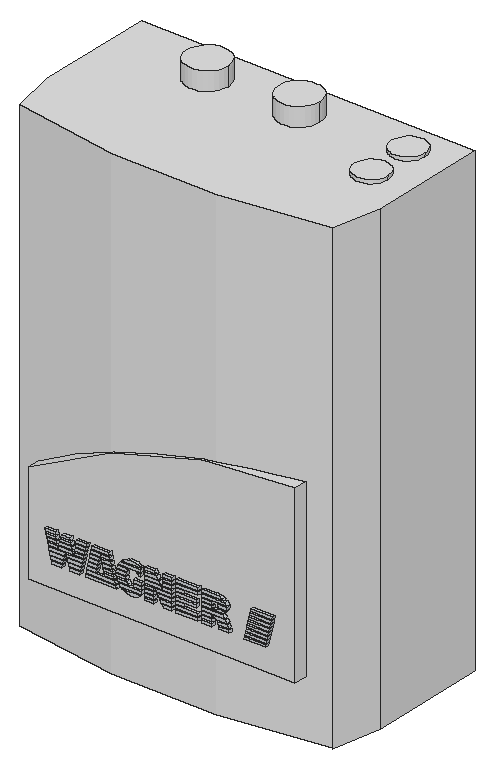
Revit family "WAGNER_Извещатели_взрывозащищённые_TITANUS_Ex", category Оборудование, Revit 2017
Family settings
  Размер круглого соединителя = Использовать диаметр
  Тип детали = Нормальный
  Номер OmniClass = 23.85.30.21.11.14
  Заголовок OmniClass = Alarm Panels
  На основе рабочей плоскости = Нет
  Всегда вертикально = Да
  При загрузке вырезать с полостями = Нет
  Общий = Да
  Точка расчета площади = Нет
Parameters (values of type "Typ TP-4-Ex")
  Описание = ADSK_Наименование  # "Извещатель пожарный дымовой аспирационный TITANUS Ex взрывозащищенная версия"
  Изготовитель = [ADSK_Завод-изготовитель]  # "WAGNER"
  bimon.ru = "bimon.ru"
  WAGNER_Чувствительность = if(WAGNER_Variation = 1, "от 0,015 %/м до 0,5 %/м", if(WAGNER_Variation = 2, "от 0,006 %/м до 0,5 %/м", if(WAGNER_Variation = 3, "от 0,003 %/м до 0,5 %/м", if(WAGNER_Variation = 4, "0", if(WAGNER_Variation = 5, "0", if(WAGNER_Variation = 6, "0", if(WAGNER_Variation = 7, "0", "@_@")))))))  # "от 0,006 %/м до 0,5 %/м"
  WAGNER_Тип детекторных модулей = if(WAGNER_Variation = 1, "DM-TP-50L, DM-TP-10L, DM-TP-01L", if(WAGNER_Variation = 2, "DM-TP-50L, DM-TP-10L, DM-TP-01L", if(WAGNER_Variation = 3, "DM-TP-50L-F, DM-TP-10L-F, DM-TP-01L-F", if(WAGNER_Variation = 4, "0", if(WAGNER_Variation = 5, "0", if(WAGNER_Variation = 6, "0", if(WAGNER_Variation = 7, "0", "@_@")))))))  # "DM-TP-50L, DM-TP-10L, DM-TP-01L"
  WAGNER_Тип = if(WAGNER_Variation = 1, "Typ TP-1/a-Ex", if(WAGNER_Variation = 2, "Typ TP-4-Ex", if(WAGNER_Variation = 3, "Typ TP-5-F-Ex", if(WAGNER_Variation = 4, "0", if(WAGNER_Variation = 5, "0", if(WAGNER_Variation = 6, "0", if(WAGNER_Variation = 7, "0", "@_@")))))))  # "Typ TP-4-Ex"
  WAGNER_Температурный режим. = if(WAGNER_Variation = 1, "от -20℃ до +60℃", if(WAGNER_Variation = 2, "от -20℃ до +60℃", if(WAGNER_Variation = 3, "от -40℃ до +60℃", if(WAGNER_Variation = 4, "0", if(WAGNER_Variation = 5, "0", if(WAGNER_Variation = 6, "0", if(WAGNER_Variation = 7, "0", "@_@")))))))  # "от -20℃ до +60℃"
  WAGNER_Страна производства = if(WAGNER_Variation = 1, "Россия", if(WAGNER_Variation = 2, "Россия", if(WAGNER_Variation = 3, "Россия", if(WAGNER_Variation = 4, "0", if(WAGNER_Variation = 5, "0", if(WAGNER_Variation = 6, "0", if(WAGNER_Variation = 7, "0", "@_@")))))))  # "Россия"
  WAGNER_Степень защиты оболочки = if(WAGNER_Variation = 1, "Ip66", if(WAGNER_Variation = 2, "Ip66", if(WAGNER_Variation = 3, "Ip66", if(WAGNER_Variation = 4, "0", if(WAGNER_Variation = 5, "0", if(WAGNER_Variation = 6, "0", if(WAGNER_Variation = 7, "0", "@_@")))))))  # "Ip66"
  WAGNER_Сетевые возможности = if(WAGNER_Variation = 1, "none", if(WAGNER_Variation = 2, "Ethernet, SNMP, Data logger, Web-интерфейс", if(WAGNER_Variation = 3, "Ethernet, SNMP, Data logger, Web-интерфейс", if(WAGNER_Variation = 4, "0", if(WAGNER_Variation = 5, "0", if(WAGNER_Variation = 6, "0", if(WAGNER_Variation = 7, "0", "@_@")))))))  # "Ethernet, SNMP, Data logger, Web-интерфейс"
  WAGNER_Расчет системы = if(WAGNER_Variation = 1, "Программа PipeCalc", if(WAGNER_Variation = 2, "Программа PipeCalc", if(WAGNER_Variation = 3, "Программа PipeCalc", if(WAGNER_Variation = 4, "0", if(WAGNER_Variation = 5, "0", if(WAGNER_Variation = 6, "0", if(WAGNER_Variation = 7, "0", "@_@")))))))  # "Программа PipeCalc"
  WAGNER_Рабочее напряжение = if(WAGNER_Variation = 1, "24 В", if(WAGNER_Variation = 2, "24 В", if(WAGNER_Variation = 3, "24 В", if(WAGNER_Variation = 4, "0", if(WAGNER_Variation = 5, "0", if(WAGNER_Variation = 6, "0", if(WAGNER_Variation = 7, "0", "@_@")))))))  # "24 В"
  WAGNER_Название = if(WAGNER_Variation = 1, "Извещатель пожарный дымовой аспирационный TITANUS Ex взрывозащищенная версия", if(WAGNER_Variation = 2, "Извещатель пожарный дымовой аспирационный TITANUS Ex взрывозащищенная версия", if(WAGNER_Variation = 3, "Извещатель пожарный дымовой аспирационный TITANUS Ex взрывозащищенная версия", if(WAGNER_Variation = 4, "0", if(WAGNER_Variation = 5, "0", if(WAGNER_Variation = 6, "0", if(WAGNER_Variation = 7, "0", "@_@")))))))  # "Извещатель пожарный дымовой аспирационный TITANUS Ex взрывозащищенная версия"
  WAGNER_Маркировка по взрывозащите = if(WAGNER_Variation = 1, "1Ex d IIB Т6 Gb / Ex tb IIIB T85°C Db", if(WAGNER_Variation = 2, "1Ex d IIB Т6 Gb / Ex tb IIIB T85°C Db", if(WAGNER_Variation = 3, "1Ex d IIB Т6 Gb / Ex tb IIIB T85°C Db", if(WAGNER_Variation = 4, "0", if(WAGNER_Variation = 5, "0", if(WAGNER_Variation = 6, "0", if(WAGNER_Variation = 7, "0", "@_@")))))))  # "1Ex d IIB Т6 Gb / Ex tb IIIB T85°C Db"
  WAGNER_Количество сигналов (реле) тревоги = if(WAGNER_Variation = 1, "от 1 до 2", if(WAGNER_Variation = 2, "от 1 до 4", if(WAGNER_Variation = 3, "от 1 до 6", if(WAGNER_Variation = 4, "0", if(WAGNER_Variation = 5, "0", if(WAGNER_Variation = 6, "0", if(WAGNER_Variation = 7, "0", "@_@")))))))  # "от 1 до 4"
  WAGNER_Количество сигналов (реле) неисправности = if(WAGNER_Variation = 1, "от 1 до 2", if(WAGNER_Variation = 2, "от 1 до 2", if(WAGNER_Variation = 3, "от 1 до 2", if(WAGNER_Variation = 4, "0", if(WAGNER_Variation = 5, "0", if(WAGNER_Variation = 6, "0", if(WAGNER_Variation = 7, "0", "@_@")))))))  # "от 1 до 2"
  WAGNER_Количество каналов обнаружения = if(WAGNER_Variation = 1, "2", if(WAGNER_Variation = 2, "2", if(WAGNER_Variation = 3, "2", if(WAGNER_Variation = 4, "0", if(WAGNER_Variation = 5, "0", if(WAGNER_Variation = 6, "0", if(WAGNER_Variation = 7, "0", "@_@")))))))  # "2"
  WAGNER_Артикул = if(WAGNER_Variation = 1, "AD-EX-0457", if(WAGNER_Variation = 2, "AD-EX-0462", if(WAGNER_Variation = 3, "AD-EX-0669", if(WAGNER_Variation = 4, "0", if(WAGNER_Variation = 5, "0", if(WAGNER_Variation = 6, "0", if(WAGNER_Variation = 7, "0", "@_@")))))))  # "AD-EX-0462"
  WAGNER_Variation = 2
  Uniclass Title = "Fire alarm panels"  # constant formula
  Uniclass Code = "Pr_75_75_30_29"  # constant formula
  URL = "www.wagner-russia.com"
  UNSPSC Title = "Fire alarm systems"  # constant formula
  UNSPSC Code = "46191505"  # constant formula
  OmniClass Title = "Alarm Panels"  # constant formula
  OmniClass Code = "23.85.30.21.11.14"  # constant formula
  Masterformat Title = "Fire Alarm Notification Appliances"  # constant formula
  Masterformat Code = "28 46 23"  # constant formula
  IFC Classification = ""
  COBie Category = "Fire alarm panels"  # constant formula
  ADSK_Размер_Ширина = 113 mm  # constant formula
  ADSK_Размер_Длина = 200 mm  # constant formula
  ADSK_Размер_Высота = 292 mm  # constant formula
  ADSK_Напряжение = 24 V
  ADSK_Наименование краткое = "Извещатель пожарный"  # constant formula
  ADSK_Наименование = WAGNER_Название  # "Извещатель пожарный дымовой аспирационный TITANUS Ex взрывозащищенная версия"
  ADSK_Материал = WAGNER_Корпус
  ADSK_Масса_Текст = ""
  ADSK_Марка = WAGNER_Тип  # "Typ TP-4-Ex"
  ADSK_Код изделия = "-"  # constant formula
  ADSK_Завод-изготовитель = "WAGNER"  # constant formula
  ADSK_Единица измерения = "шт."  # constant formula
  ADSK_Дата изменения = "19.07.20"  # constant formula
  ADSK_Версия семейства = "Версия 1"  # constant formula
  ADSK_Версия Revit = "Revit 2017"  # constant formula
  ADSK_URL страницы изделия = "https://ru.wagnergroup.com/systeme/brandfrueherkennung-mit-titanusr-ansaugrauchmeldern.html"
  ADSK_URL документации изделия = "https://ru.wagnergroup.com/ru/centr-zagruzki/katalog.html"
Types (3, lengths in mm): name | WAGNER_Чувствительность | WAGNER_Тип детекторных модулей | WAGNER_Тип | WAGNER_Температурный режим. | WAGNER_Сетевые возможности | WAGNER_Количество сигналов (реле) тревоги | WAGNER_Артикул | WAGNER_Variation | ADSK_Марка
  Typ TP-1/a-Ex | "от 0,015 %/м до 0,5 %/м" | "DM-TP-50L, DM-TP-10L, DM-TP-01L" | "Typ TP-1/a-Ex" | "от -20℃ до +60℃" | "none" | "от 1 до 2" | "AD-EX-0457" | 1 | "Typ TP-1/a-Ex"
  Typ TP-4-Ex | "от 0,006 %/м до 0,5 %/м" | "DM-TP-50L, DM-TP-10L, DM-TP-01L" | "Typ TP-4-Ex" | "от -20℃ до +60℃" | "Ethernet, SNMP, Data logger, Web-интерфейс" | "от 1 до 4" | "AD-EX-0462" | 2 | "Typ TP-4-Ex"
  Typ TP-5-F-Ex | "от 0,003 %/м до 0,5 %/м" | "DM-TP-50L-F, DM-TP-10L-F, DM-TP-01L-F" | "Typ TP-5-F-Ex" | "от -40℃ до +60℃" | "Ethernet, SNMP, Data logger, Web-интерфейс" | "от 1 до 6" | "AD-EX-0669" | 3 | "Typ TP-5-F-Ex"
Reference planes
  plane 1 "По центру (Вперед/Назад)": y = -115
  plane 2: z = 0
  plane 3 "По центру (Влево/Вправо)": x = -926.101
  plane 4: z = -147.566
Forms (mm)
  Extrusion 1, solid, material "WAGNER_Корпус" <- "ADSK_Материал"
    sketch origin (0, -115, 0) x (1, 0, 0) y (0, 0, 1)
      loop
        line (-826.15, 134.487) -> (-1026.128, 134.487) -> (-1026.128, -145.566) -> (-826.15, -145.566) -> (-826.15, 134.487)
    from 0 to 70.93
  Sweep 2, solid, material "WAGNER_Корпус" <- "ADSK_Материал"
    path origin (0, -422.5, 0) x (0, 0, -1) y (1, 0, 0)
      loop
        line (-134.487, -926.101) -> (145.566, -926.101)
    profile origin (-926.101, -422.5, -5.539) x (0, -1, 0) y (1, 0, 0)
      loop
        line (-236.57, 99.951) -> (-237.521, 99.951) -> (-237.521, -100.026) -> (-236.57, -100.026) -> (-208.216, -93.924)
        arc (-208.216, -93.924) -> (-197.783, 0) -> (-208.216, 93.924) r 427.993
        line (-208.216, 93.924) -> (-236.57, 99.951)
  Extrusion 3, solid, material "WAGNER_Корпус" <- "ADSK_Материал"
    sketch origin (0, -115, 0) x (1, 0, 0) y (0, 0, 1)
      loop
        arc (-845.978, 124.031) -> (-851.101, 129.154) -> (-856.225, 124.031) r 5.124
        line (-856.225, 124.031) -> (-856.225, 116.031)
        arc (-856.225, 116.031) -> (-851.101, 110.907) -> (-845.978, 116.031) r 5.124
        line (-845.978, 116.031) -> (-845.978, 124.031)
      loop
        arc (-875.978, 124.031) -> (-881.101, 129.154) -> (-886.225, 124.031) r 5.124
        line (-886.225, 124.031) -> (-886.225, 116.031)
        arc (-886.225, 116.031) -> (-881.101, 110.907) -> (-875.978, 116.031) r 5.124
        line (-875.978, 116.031) -> (-875.978, 124.031)
      loop
        arc (-1005.978, 124.031) -> (-1011.101, 129.154) -> (-1016.225, 124.031) r 5.124
        line (-1016.225, 124.031) -> (-1016.225, 116.031)
        arc (-1016.225, 116.031) -> (-1011.101, 110.907) -> (-1005.978, 116.031) r 5.124
        line (-1005.978, 116.031) -> (-1005.978, 124.031)
      loop
        arc (-1014.902, -129.646) -> (-1020.026, -134.77) -> (-1014.902, -139.894) r 5.124
        line (-1014.902, -139.894) -> (-1006.902, -139.894)
        arc (-1006.902, -139.894) -> (-1001.778, -134.77) -> (-1006.902, -129.646) r 5.124
        line (-1006.902, -129.646) -> (-1014.902, -129.646)
      loop
        arc (-855.301, -129.646) -> (-860.425, -134.77) -> (-855.301, -139.894) r 5.124
        line (-855.301, -139.894) -> (-847.301, -139.894)
        arc (-847.301, -139.894) -> (-842.177, -134.77) -> (-847.301, -129.646) r 5.124
        line (-847.301, -129.646) -> (-855.301, -129.646)
    from -2.983 to 0
  Extrusion 4, solid, material "WAGNER_Корпус" <- "ADSK_Материал"
    sketch origin (0, 0, 0) x (1, 0, 0) y (0, 1, 0)
      loop
        circle (-967.443, -139.017) r 12.5
    from 134.487 to 145.487
  Extrusion 5, solid, material "WAGNER_Корпус" <- "ADSK_Материал"
    sketch origin (0, 0, 0) x (1, 0, 0) y (0, 1, 0)
      loop
        circle (-912.443, -139.017) r 12.5
    from 134.487 to 145.487
  Extrusion 6, solid, material "WAGNER_Корпус" <- "ADSK_Материал"
    sketch origin (0, 0, 0) x (1, 0, 0) y (0, 1, 0)
      loop
        circle (-850.763, -162.048) r 10
    from 134.487 to 136.468
  Extrusion 7, solid, material "WAGNER_Корпус" <- "ADSK_Материал"
    sketch origin (0, 27.996, 0) x (1, 0, 0) y (0, 1, 0)
      loop
        circle (-850.763, -162.048) r 10
    from 134.487 to 136.468
  Extrusion 8, solid, material "WAGNER_Корпус" <- "ADSK_Материал"
    sketch origin (0, -115, 0) x (1, 0, 0) y (0, 0, 1)
      loop
        circle (-865.763, -77.26) r 12.5
      loop
        circle (-861.763, -111.26) r 12.5
    from -2.983 to 0
  Extrusion 9, solid, material "WAGNER_Корпус" <- "ADSK_Материал"
    sketch origin (0, 0, 0) x (1, 0, 0) y (0, 1, 0)
      loop
        circle (-1004.101, -136.052) r 10
    from -147.566 to -145.566
  Extrusion 10, solid, material "WAGNER_Корпус" <- "ADSK_Материал"
    sketch origin (28, 0, 0) x (1, 0, 0) y (0, 1, 0)
      loop
        circle (-1004.101, -136.052) r 10
    from -147.566 to -145.566
  Extrusion 11, solid, material "WAGNER_Корпус" <- "ADSK_Материал"
    sketch origin (56, 0, 0) x (1, 0, 0) y (0, 1, 0)
      loop
        circle (-1004.101, -136.052) r 10
    from -147.566 to -145.566
  Extrusion 12, solid, material "WAGNER_Корпус" <- "ADSK_Материал"
    sketch origin (15, 0, 0) x (1, 0, 0) y (0, 1, 0)
      loop
        circle (-912.443, -139.017) r 12.5
    from -147.566 to -143.765
  Extrusion 13, solid, material "WAGNER_Корпус" <- "ADSK_Материал"
    sketch origin (48.229, 5.859, 0) x (1, 0, 0) y (0, 1, 0)
      loop
        circle (-912.443, -139.017) r 12.5
    from -147.566 to -143.765
  Extrusion 14, solid, material "WAGNER_Корпус" <- "ADSK_Материал"
    sketch origin (64.229, -24.232, 0) x (1, 0, 0) y (0, 1, 0)
      loop
        circle (-912.443, -139.017) r 12.5
    from -147.566 to -143.765
  Extrusion 15, solid, material "WAGNER_Корпус" <- "ADSK_Материал"
    sketch origin (0, -422.5, 0) x (0, 0, -1) y (1, 0, 0)
      loop
        line (50.56, -1006.063) -> (110.501, -1006.063) -> (110.501, -846.14) -> (5.577, -846.14)
        arc (5.577, -846.14) -> (16.4, -929.384) -> (50.56, -1006.063) r 290.67
    from -208.216 to -197.5
Cuts and joins
  joined: Extrusion 1, Sweep 2, Extrusion 3, Extrusion 4, Extrusion 5, Extrusion 6, Extrusion 7, Extrusion 8, Extrusion 9, Extrusion 10, Extrusion 11, Extrusion 12, Extrusion 13, Extrusion 14, Extrusion 15
Dimensions and locks
  aligned and locked: level to plane 2
Nested families
  nested 1: "Надпись" at (-928.069, -225, -71.776) x (1, 0, 0) z (0, -1, 0), type "Надпись"
    with ADSK_Материал none
Connectors
  cabletrayconduit at (-850.763, -134.052, 136.468), diameter 20
    settings: on cut or joined group 1 (Extrusion 1, Sweep 2, Extrusion 3, Extrusion 4, Extrusion 5, Extrusion 6, Extrusion 7, Extrusion 8, Extrusion 9, Extrusion 10, Extrusion 11, Extrusion 12, Extrusion 13, Extrusion 14, Extrusion 15), index 1, connector width 300 mm, connector height 300 mm, connector angle 0.00°, system type 32, placement type 0, profile type 0, connector reference index -1, is primary connector yes, connector utility param no, connector description ""
  cabletrayconduit at (-850.763, -162.048, 134.487), diameter 20
    settings: on cut or joined group 1, index 2, connector width 300 mm, connector height 300 mm, connector angle 0.00°, system type 32, placement type 0, profile type 0, connector reference index -1, is primary connector no, connector utility param no, connector description ""
  cabletrayconduit at (-1004.101, -136.052, -147.566), diameter 20
    settings: on cut or joined group 1, index 3, connector width 300 mm, connector height 300 mm, connector angle 0.00°, system type 32, placement type 0, profile type 0, connector reference index -1, is primary connector no, connector utility param no, connector description ""
  cabletrayconduit at (-976.101, -136.052, -147.566), diameter 20
    settings: on cut or joined group 1, index 4, connector width 300 mm, connector height 300 mm, connector angle 0.00°, system type 32, placement type 0, profile type 0, connector reference index -1, is primary connector no, connector utility param no, connector description ""
  cabletrayconduit at (-948.101, -136.052, -147.566), diameter 20
    settings: on cut or joined group 1, index 5, connector width 300 mm, connector height 300 mm, connector angle 0.00°, system type 32, placement type 0, profile type 0, connector reference index -1, is primary connector no, connector utility param no, connector description ""
  cabletrayconduit at (-897.443, -139.017, -145.566), diameter 25
    settings: on cut or joined group 1, index 6, connector width 300 mm, connector height 300 mm, connector angle 0.00°, system type 32, placement type 0, profile type 0, connector reference index -1, is primary connector no, connector utility param no, connector description ""
  cabletrayconduit at (-848.214, -163.25, -145.566), diameter 25
    settings: on cut or joined group 1, index 7, connector width 300 mm, connector height 300 mm, connector angle 0.00°, system type 32, placement type 0, profile type 0, connector reference index -1, is primary connector no, connector utility param no, connector description ""
  cabletrayconduit at (-865.763, -112.017, -77.26), diameter 25
    settings: on cut or joined group 1, index 8, connector width 300 mm, connector height 300 mm, connector angle 0.00°, system type 32, placement type 0, profile type 0, connector reference index -1, is primary connector no, connector utility param no, connector description ""
  cabletrayconduit at (-861.763, -112.017, -111.26), diameter 25
    settings: on cut or joined group 1, index 9, connector width 300 mm, connector height 300 mm, connector angle 0.00°, system type 32, placement type 0, profile type 0, connector reference index -1, is primary connector no, connector utility param no, connector description ""
  piping at (-967.443, -139.017, 145.487), diameter 25
    settings: on cut or joined group 1, index 10, connector inside diameter 609.6 mm, connector length 0 mm, flow factor 0, pipe flow 0.0 m³/h, pressure drop 0.0 Pa, fitting loss kfactor 0, connector angle 0.00°, fixture units 0, engagement length 0 mm, angle of deflection 0.00°, flow configuration 0, flow direction 0, fitting loss method 0, system type 29, joint type 0, gender type 0, connector reference index -1, connector utility 0, adjustable connector no, is connector primary yes, connector description ""
  piping at (-912.443, -139.017, 145.487), diameter 25
    settings: on cut or joined group 1, index 11, connector inside diameter 609.6 mm, connector length 0 mm, flow factor 0, pipe flow 0.0 m³/h, pressure drop 0.0 Pa, fitting loss kfactor 0, connector angle 0.00°, fixture units 0, engagement length 0 mm, angle of deflection 0.00°, flow configuration 0, flow direction 0, fitting loss method 0, system type 29, joint type 0, gender type 0, connector reference index -1, connector utility 0, adjustable connector no, is connector primary no, connector description ""
  piping at (-864.214, -133.158, -147.566), diameter 25
    settings: on cut or joined group 1, index 12, connector inside diameter 609.6 mm, connector length 0 mm, flow factor 0, pipe flow 0.0 m³/h, pressure drop 0.0 Pa, fitting loss kfactor 0, connector angle 0.00°, fixture units 0, engagement length 0 mm, angle of deflection 0.00°, flow configuration 0, flow direction 0, fitting loss method 0, system type 29, joint type 0, gender type 0, connector reference index -1, connector utility 0, adjustable connector no, is connector primary no, connector description ""
Definition of nested family "Надпись"
  Parameters (values of type "Надпись")
    Default Elevation = 1219.2 mm
    Height = 0 mm
    ADSK_Материал [instance] = none
  Reference planes
    plane 1 "По центру (Вперед/Назад)": y = 0
    plane 2: z = 0
    plane 3 "По центру (Влево/Вправо)": x = 0
  Forms (mm)
    Extrusion 1, solid
      sketch origin (0, 0, 0) x (1, 0, 0) y (0, 1, 0)
        loop
          line (-8.661, 5) -> (-8.661, -2.59) -> (0, -2.59) -> (0, 5) -> (-8.661, 5)
      from 0 to -3.341
    Extrusion 2, solid, material <- "ADSK_Материал"
      sketch origin (0, 90.349, 0) x (1, 0, 0) y (0, 1, 0)
        loop
          line (-66.633, -96.987) -> (-64.622, -105.534) -> (-59.018, -105.534) -> (-60.333, -96.987) -> (-66.633, -96.987)
        loop
          line (-62.433, -114.837) -> (-56.483, -114.837) -> (-54.193, -106.29) -> (-64.444, -106.29) -> (-62.433, -114.837)
        loop
          line (-53.942, -106.29) -> (-51.583, -114.837) -> (-45.633, -114.837) -> (-43.622, -106.29) -> (-53.942, -106.29)
        loop
          line (-41.433, -96.987) -> (-47.733, -96.987) -> (-49.048, -105.534) -> (-43.444, -105.534) -> (-41.433, -96.987)
        loop
          line (-49.282, -105.534) -> (-51.583, -96.987) -> (-56.483, -96.987) -> (-58.784, -105.534) -> (-49.282, -105.534)
        loop
          line (-38.458, -96.987) -> (-40.301, -105.534) -> (-34.728, -105.534) -> (-33.383, -100.137) -> (-31.936, -105.537) -> (-26.128, -105.537) -> (-28.308, -96.987) -> (-38.458, -96.987)
        loop
          line (-42.308, -114.837) -> (-23.758, -114.837) -> (-25.936, -106.29) -> (-31.734, -106.29) -> (-30.489, -110.938) -> (-36.076, -110.938) -> (-34.917, -106.29) -> (-40.464, -106.29) -> (-42.308, -114.837)
        loop
          line (-8.661, -112.628) -> (-8.661, -106.29) -> (-13.608, -106.29) -> (-13.608, -110.938)
          spline (-13.608, -110.938) -> (-14.527, -110.855) -> (-15.182, -110.648) -> (-15.674, -110.377) -> (-16.086, -110.089) -> (-16.44, -109.789) -> (-16.75, -109.473) -> (-17.027, -109.135) -> (-17.281, -108.757) -> (-17.523, -108.317) -> (-17.761, -107.79) -> (-17.983, -107.132) -> (-18.173, -106.29)
          line (-18.173, -106.29) -> (-23.925, -106.29)
          spline (-23.925, -106.29) -> (-23.374, -109.198) -> (-22.264, -111.152) -> (-21.272, -112.432) -> (-20.36, -113.296) -> (-19.27, -113.989) -> (-17.877, -114.629) -> (-16.291, -115.103) -> (-14.638, -115.285) -> (-12.978, -115.124) -> (-11.331, -114.614) -> (-9.768, -113.761) -> (-8.661, -112.628)
        loop
          line (-9.408, -103.21) -> (-9.408, -98.265)
          spline (-9.408, -98.265) -> (-11.397, -97.312) -> (-13.231, -96.797) -> (-14.918, -96.656) -> (-16.464, -96.826) -> (-17.878, -97.241) -> (-19.167, -97.837) -> (-20.335, -98.564) -> (-21.372, -99.447) -> (-22.265, -100.536) -> (-22.997, -101.881) -> (-23.556, -103.532) -> (-23.925, -105.537)
          line (-23.925, -105.537) -> (-18.183, -105.537)
          spline (-18.183, -105.537) -> (-17.772, -104.218) -> (-17.317, -103.163) -> (-16.807, -102.344) -> (-16.233, -101.733) -> (-15.583, -101.3) -> (-14.848, -101.017) -> (-14.024, -100.864) -> (-13.148, -100.861) -> (-12.275, -101.052) -> (-11.46, -101.478) -> (-10.758, -102.184) -> (-10.226, -103.21)
          line (-10.226, -103.21) -> (-9.408, -103.21)
        loop
          line (-6.433, -114.837) -> (-1.008, -114.837) -> (-1.008, -106.29) -> (-6.433, -106.29) -> (-6.433, -114.837)
        loop
          line (-6.433, -96.987) -> (-6.433, -105.534) -> (3.972, -105.534) -> (-0.833, -96.987) -> (-6.433, -96.987)
        loop
          line (4.242, -96.987) -> (4.242, -105.534) -> (9.667, -105.534) -> (9.667, -96.987) -> (4.242, -96.987)
        loop
          line (9.667, -107.865) -> (9.667, -106.29) -> (-0.749, -106.29) -> (4.592, -114.837) -> (9.667, -114.837) -> (9.667, -107.865)
        loop
          line (17.367, -100.886) -> (25.417, -100.886) -> (25.417, -96.987) -> (12.117, -96.987) -> (12.117, -105.534) -> (24.367, -105.534) -> (24.367, -103.959) -> (17.367, -103.959) -> (17.367, -100.886)
        loop
          line (25.417, -110.938) -> (17.367, -110.938) -> (17.367, -107.865) -> (24.367, -107.865) -> (24.367, -106.29) -> (12.117, -106.29) -> (12.117, -114.837) -> (25.417, -114.837) -> (25.417, -110.938)
        loop
          line (27.517, -96.987) -> (27.517, -105.534) -> (40.677, -105.534)
          spline (40.677, -105.534) -> (41.741, -104.309) -> (42.384, -103.252) -> (42.676, -102.307) -> (42.678, -101.434) -> (42.44, -100.619) -> (42.012, -99.846) -> (41.427, -99.113) -> (40.691, -98.444) -> (39.806, -97.865) -> (38.754, -97.403) -> (37.438, -97.097) -> (35.742, -96.987)
          line (35.742, -96.987) -> (27.517, -96.987)
        loop
          line (27.517, -114.837) -> (33.467, -114.837) -> (33.467, -109.237) -> (34.692, -109.237)
          spline (34.692, -109.237) -> (35.25, -109.312) -> (35.723, -109.519) -> (36.123, -109.828) -> (36.462, -110.209) -> (36.75, -110.633) -> (36.999, -111.071) -> (37.218, -111.523) -> (37.41, -112.012) -> (37.582, -112.563) -> (37.737, -113.201) -> (37.88, -113.951) -> (38.017, -114.837)
          line (38.017, -114.837) -> (43.967, -114.837)
          spline (43.967, -114.837) -> (43.867, -114.015) -> (43.712, -113.201) -> (43.506, -112.398) -> (43.253, -111.61) -> (42.957, -110.84) -> (42.62, -110.093) -> (42.247, -109.372) -> (41.84, -108.681) -> (41.405, -108.023) -> (40.943, -107.403) -> (40.459, -106.824) -> (39.957, -106.29)
          line (39.957, -106.29) -> (27.517, -106.29) -> (27.517, -114.837)
        loop
          spline (35.742, -105.037) -> (36.22, -104.927) -> (36.688, -104.655) -> (37.088, -104.306) -> (37.371, -103.951) -> (37.535, -103.588) -> (37.588, -103.202) -> (37.541, -102.776) -> (37.401, -102.294) -> (37.139, -101.79) -> (36.699, -101.338) -> (36.021, -101.011) -> (35.045, -100.886)
          line (35.045, -100.886) -> (33.467, -100.886) -> (33.467, -105.037) -> (35.742, -105.037)
        loop
          line (57.053, -96.987) -> (55.066, -105.434) -> (68.016, -105.434) -> (70.003, -96.987) -> (57.053, -96.987)
        loop
          line (52.877, -114.737) -> (65.827, -114.737) -> (67.815, -106.29) -> (54.865, -106.29) -> (52.877, -114.737)
      from 0 to 2
    Extrusion 3, void
      sketch origin (0, 90.349, 0) x (1, 0, 0) y (0, 1, 0)
        loop
          line (-66.262, -98.562) -> (-67.78, -99.311) -> (71.59, -99.311) -> (73.738, -98.562) -> (-66.262, -98.562)
        loop
          line (-66.262, -100.862) -> (-67.78, -101.611) -> (71.59, -101.611) -> (73.738, -100.862) -> (-66.262, -100.862)
        loop
          line (-66.262, -103.162) -> (-67.78, -103.911) -> (71.59, -103.911) -> (73.738, -103.162) -> (-66.262, -103.162)
        loop
          line (-66.262, -107.834) -> (-67.78, -108.583) -> (71.59, -108.583) -> (73.738, -107.834) -> (-66.262, -107.834)
        loop
          line (-66.262, -110.189) -> (-67.78, -110.938) -> (71.59, -110.938) -> (73.738, -110.189) -> (-66.262, -110.189)
        loop
          line (-66.262, -112.589) -> (-67.78, -113.338) -> (71.59, -113.338) -> (73.738, -112.589) -> (-66.262, -112.589)
      from -1 to 5
  Cuts and joins
    Extrusion 3 cuts Extrusion 2
  Dimensions and locks
    aligned and locked: plane 2 to Extrusion 1
    aligned and locked: level to Extrusion 1
